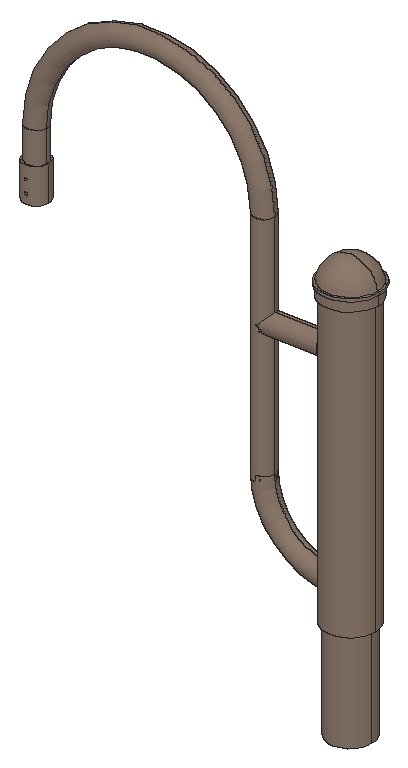
Revit family "PA175", category Generic Models, Revit 2014
Parameters
  TOP CAP = Bronze, Architectural
  OUTLET = Bronze, Architectural
  CANDY CANE = Bronze, Architectural
  BODY = Bronze, Architectural
  BASE = Bronze, Architectural
Reference planes (in)
  plane 1 "Center (Front/Back)": y = 0
  plane 2: z = 0
  plane 3 "Center (Left/Right)": x = 0
Forms (in)
  Revolve 1, solid, material "Bronze, Architectural" <- "BASE"
    sketch origin (0, 0, 0) x (1, 0, 0) y (0, 0, 1)
      loop
        line (0, 8) -> (-1.73721, 8) -> (-1.73721, 0) -> (0, 0) -> (0, 8)
      axis (0, 8) -> (0, 0)
    angle from 0 to 360
  Revolve 2, solid, material "Bronze, Architectural" <- "BODY"
    sketch origin (0, 0, 0) x (1, 0, 0) y (0, 0, 1)
      loop
        line (0, 32) -> (-1.99901, 32) -> (-1.99901, 8) -> (0, 8) -> (0, 32)
      axis (0, 32) -> (0, 8)
    angle from 0 to 360
  Revolve 3, solid, material "Bronze, Architectural" <- "CANDY CANE"
    sketch origin (0, 0, 0) x (1, 0, 0) y (0, 0, 1)
      loop
        line (-6.82901, 15.86221) -> (-6.82901, 34.56536) -> (-7.65901, 34.56536) -> (-7.65901, 15.86221) -> (-6.82901, 15.86221)
      axis (-6.82901, 34.56536) -> (-6.82901, 15.86221)
    angle from 0 to 360
  Revolve 4, solid, material "Bronze, Architectural" <- "TOP CAP"
    sketch origin (0, 0, 0) x (1, 0, 0) y (0, 0, 1)
      loop
        line (-2.3511, 32.20833) -> (-2.3511, 32) -> (-2.21776, 32) -> (-2.21776, 31.1875) -> (0, 31.1875) -> (0, 32.20833) -> (-2.3511, 32.20833)
      axis (0, 32.20833) -> (0, 31.1875)
    angle from 0 to 360
  Revolve 5, solid, material "Bronze, Architectural" <- "TOP CAP"
    sketch origin (0, 0, 0) x (1, 0, 0) y (0, 0, 1)
      loop
        arc (0, 34.0625) -> (-1.42525, 33.53536) -> (-2.16568, 32.20833) r 2.193
        line (-2.16568, 32.20833) -> (0, 32.20833) -> (0, 34.0625)
      axis (0, 34.0625) -> (0, 32.20833)
    angle from 0 to 360
  Revolve 6, solid, material "Bronze, Architectural" <- "CANDY CANE"
    sketch origin (0, 0, 0) x (1, 0, 0) y (0, 0, 1)
      loop
        line (-1.99901, 27.83) -> (-6.82901, 27.83) -> (-6.82901, 27) -> (-1.61544, 27) -> (-1.61544, 27.83) -> (-1.99901, 27.83)
      axis (-6.82901, 27) -> (-1.61544, 27)
    angle from 0 to 360
  Revolve 7, solid, material "Bronze, Architectural" <- "CANDY CANE"
    sketch origin (0, 0, 0) x (1, 0, 0) y (0, 0, 1)
      loop
        line (-24.82901, 34.56536) -> (-25.65901, 34.56536) -> (-25.65901, 32.05814) -> (-24.82901, 32.05814) -> (-24.82901, 34.56536)
      axis (-24.82901, 34.56536) -> (-24.82901, 32.05814)
    angle from 0 to 360
  Revolve 8, solid, material "Bronze, Architectural" <- "OUTLET"
    sketch origin (0, 0, 0) x (1, 0, 0) y (0, 0, 1)
      loop
        line (-24.82901, 32.05814) -> (-25.82901, 32.05814) -> (-25.82901, 29.30814) -> (-24.82901, 29.30814) -> (-24.82901, 32.05814)
      axis (-24.82901, 32.05814) -> (-24.82901, 29.30814)
    angle from 0 to 360
  SweptBlend 9, solid, material "Bronze, Architectural" <- "CANDY CANE"
    path origin (0, 0, 0) x (1, 0, 0) y (0, 0, 1)
      loop
        arc (-6.82901, 34.56536) -> (-15.82901, 43.56536) -> (-24.82901, 34.56536) r 9
    profile origin (-6.82901, 0, 34.56536) x (-1, 0, 0) y (0, -1, 0)
      loop
        circle (0, 0) r 0.83
    end profile origin (-24.82901, 0, 34.56536) x (0, -1, 0) y (1, 0, 0)
      loop
        circle (0, 0) r 0.83
  SweptBlend 10, solid, material "Bronze, Architectural" <- "CANDY CANE"
    path origin (0, 0, 0) x (1, 0, 0) y (0, 0, 1)
      loop
        arc (-0.96378, 10.52978) -> (-5.11113, 12.24767) -> (-6.82901, 16.39501) r 5.86523
    profile origin (-0.96378, 0, 10.52978) x (0, 0, -1) y (0, -1, 0)
      loop
        circle (0, 0) r 0.85891
    end profile origin (-6.82901, 0, 16.39501) x (-1, 0, 0) y (0, -1, 0)
      loop
        circle (0, 0) r 0.83
  Revolve 11, void
    sketch origin (0, 0, 0) x (1, 0, 0) y (0, 0, 1)
      loop
        line (-24.82901, 31.80814) -> (-25.70401, 31.80814) -> (-25.70401, 29.30814) -> (-24.82901, 29.30814) -> (-24.82901, 31.80814)
      axis (-24.82901, 31.80814) -> (-24.82901, 29.30814)
    angle from 0 to 360
  Extrusion 12, void
    sketch origin (0, 0, 0) x (1, 0, 0) y (0, 0, 1)
      loop
        circle (-24.82901, 31.05814) r 0.125
      loop
        circle (-24.82901, 30.05814) r 0.125
    from -1.21285 to 1.05799
  Revolve 13, void
    sketch origin (0, 0, 0) x (1, 0, 0) y (0, 0, 1)
      loop
        line (0, 8.5927) -> (-1.29971, 8.5927) -> (-1.29971, 0) -> (0, 0) -> (0, 8.5927)
      axis (0, 0) -> (0, 8.5927)
    angle from 0 to 360
Cuts and joins
  Revolve 11, Extrusion 12 cuts Revolve 8
  Revolve 13 cuts Revolve 1
Dimensions and locks (in)
  aligned and locked: plane 2 to level
